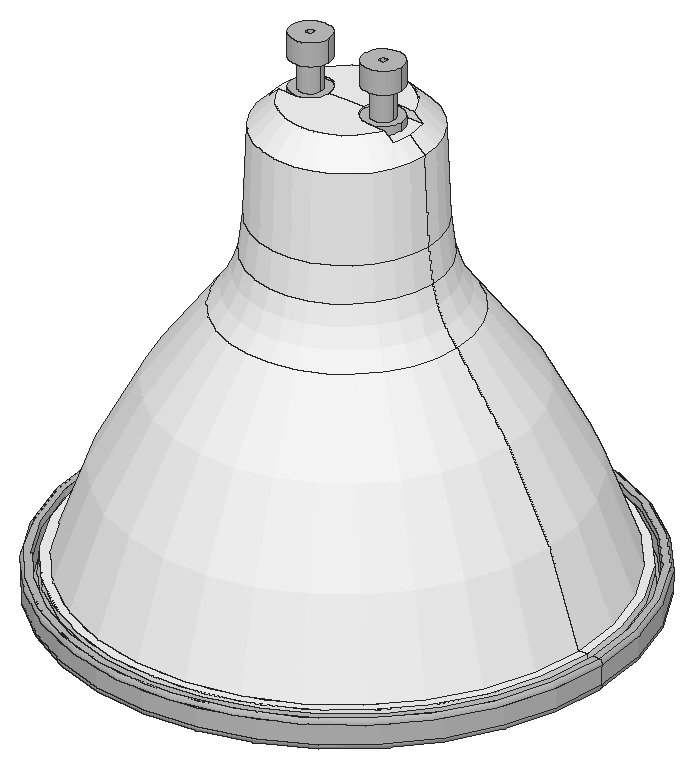
Revit family "STL21413_27_30_40", category Luminárias, Revit 2023
Family settings
  Cota do conector redondo = Utilizar diâmetro
  Tipo de parte = Normal
  Com base no plano de trabalho = Não
  Sempre na vertical = Sim
  Corte com vazios quando carregada = Não
  Fonte luminosa = Sim
  Manter orientação da anotação = Não
  Compartilhado = Não
  Ponto de cálculo do ambiente = Não
Parameters (values of type "STL21413/27 - BIVOLT - 2700K - 280lm - 24°")
  Ângulo de inclinação = 90.00°
  Ângulo de Abertura = "24°"
  Wattage = 1.88499 W
  URL = "https://stella.com.br/"
  Troca de temperatura da cor de lâmpada com esmaecimento = <Nenhum>
  Tensão Elétrica = "100V-240V"
  built-in parameter 1150107 = 2700 (stored number, unit not read)
  Temperatura da cor (K) = 2700 K
  Referência = "STL21413/27"
  Potência = 4.7 W
  built-in parameter 1150110 = 1 (stored number, unit not read)
  built-in parameter 1150109 = 1 (stored number, unit not read)
  built-in parameter 1114218 = 1 (stored number, unit not read)
  built-in parameter 1150112 = 1 (stored number, unit not read)
  built-in parameter 1150113 = 1 (stored number, unit not read)
  built-in parameter 1150142 = "IESNA:LM-63-2002\r\n[TEST] Viso BaseSpion - serial: 2183678036 sensor serial: 1483989726\r\n[TESTLAB] Viso BaseSpion - serial: 2183678036 sensor serial: 1483989726 - Test lab\r\n[MANUFAC] See\r\n[ISSUEDATE] 10/12/2021\r\n[LUMINAIRE] STELLA - STL21413/27 - AR70 PRO 24° 4,7W\r\n[LUMCAT] N/A\r\n[_SERIALNUMBER] VFR-211210-4540-MS\r\nTILT=NONE\r\n1 318 1 91 1 1 2 -0.055 -0.055 0.0623\r\n1.0 1.0 4.88\r\n0 1 2 3 4 5 6 7 8 9 10 11 12 13 14 15 16 17 18 19 20 21 22 23 24 25 26 27 28 29 30 31 32 33 34 35 36 37 38 39 40 41 42 43 44 45 46 47 48 49 50 51 52 53 54 55 56 57 58 59 60 61 62 63 64 65 66 67 68 69 70 71 72 73 74 75 76 77 78 79 80\r\n 81 82 83 84 85 86 87 88 89 90\r\n0 \r\n1615.713623 1606.703735 1581.464966 1541.108765 1487.298584 1420.95105 1343.096313 1255.690186 1158.395508 1052.178833 940.30011 826.028137 713.522217 605.694641 505.808167 416.11142 337.469177 270.279602 214.626709 169.946701 135.231888\r\n 108.790009 89.035942 74.430382 63.579796 55.374111 48.778305 43.371643 39.117767 35.899006 33.599277 32.46957 32.777752 34.47781 36.767971 37.578373 35.903011 32.3279 28.603003 25.834644 23.831293 22.444815 21.762829 21.814539 22.375254\r\n 23.670862 25.850325 28.510023 31.203465 32.937244 32.664097 30.308891 26.290932 21.136114 15.467844 9.61467 4.760627 2.153456 1.300089 0.99522 0.759012 0.519842 0.332798 0.22133 0.17804 0.126881 0.110459 0.074763 0.059159 0.049083\r\n 0.042279 0.049377 0.039883 0.040068 0.038056 0.034932 0.037707 0.036565 0.046573 0.040576 0.032583 0.033781 0.032753 0.02975 0.026864 0.027872 0.025569 0.027605 0.025959 0.028994 0.00796\r\n"
  built-in parameter 1150132 = 2
  built-in parameter 1150137 = (empty or 0)
  Modelo = "AR70 PRO 24º 4,7W\r\nAR70 PRO 7º 4,7W\r\nAR 70 PRO 7º 4,7W"
  Luminoso [instance] = Luminoso - 2700K
  built-in parameter 1150106 = 86.619 (stored number, unit not read)
  built-in parameter 1150102 = (empty or 0)
  built-in parameter 1150105 = 8661.9 (stored number, unit not read)
  IRC (Índice de reprodução de cores) = ">95 (R9>80)"
  Grau de proteção (IP) = "IP20"
  Fluxo Luminoso = 280 lm
  Color Filter = 16777215
  built-in parameter 1114217 = 1 (stored number, unit not read)
  built-in parameter 1150139 = (empty or 0)
  Fabricante = "Stella"
  Estrutura [instance] = Al - Branco
  Default Elevation = 0.00 m
  built-in parameter 1150104 = 13.8 (stored number, unit not read)
  Diâmetro = 0.07 m
  Dimerização = "Não dimerizável"
  built-in parameter 1150115 = 1 (stored number, unit not read)
  built-in parameter 1150114 = 1 (stored number, unit not read)
  Cromado [instance] = Cromado
  Lumens = 280 lm
  built-in parameter 1150138 = (empty or 0)
  built-in parameter 1150134 = (empty or 0)
  Arquivo de rede fotométrica = "STELLA - STL21413-27 - AR70 PRO 24° 4,7W.ies"
  Altura = 0.067 m
  built-in parameter 1150133 = 10 (stored number, unit not read)
Types (4, lengths in m): name | Wattage | built-in parameter 1150107 | Temperatura da cor (K) | Referência | built-in parameter 1150142 | Luminoso | built-in parameter 1150106 | built-in parameter 1150105 | Fluxo Luminoso | Lumens | built-in parameter 1150134 | Arquivo de rede fotométrica
  (no name) | 1.88499 W | 2700 (stored number, unit not read) | 2700 K | "STL21413/27" | "IESNA:LM-63-2002\r\n[TEST] Viso BaseSpion - serial: 2183678036 sensor serial: 1483989726\r\n[TESTLAB] Viso BaseSpion - serial: 2183678036 sensor serial: 1483989726 - Test lab\r\n[MANUFAC] See\r\n[ISSUEDATE] 10/12/2021\r\n[LUMINAIRE] STELLA - STL21413/27 - AR70 PRO 24° 4,7W\r\n[LUMCAT] N/A\r\n[_SERIALNUMBER] VFR-211210-4540-MS\r\nTILT=NONE\r\n1 318 1 91 1 1 2 -0.055 -0.055 0.0623\r\n1.0 1.0 4.88\r\n0 1 2 3 4 5 6 7 8 9 10 11 12 13 14 15 16 17 18 19 20 21 22 23 24 25 26 27 28 29 30 31 32 33 34 35 36 37 38 39 40 41 42 43 44 45 46 47 48 49 50 51 52 53 54 55 56 57 58 59 60 61 62 63 64 65 66 67 68 69 70 71 72 73 74 75 76 77 78 79 80\r\n 81 82 83 84 85 86 87 88 89 90\r\n0 \r\n1615.713623 1606.703735 1581.464966 1541.108765 1487.298584 1420.95105 1343.096313 1255.690186 1158.395508 1052.178833 940.30011 826.028137 713.522217 605.694641 505.808167 416.11142 337.469177 270.279602 214.626709 169.946701 135.231888\r\n 108.790009 89.035942 74.430382 63.579796 55.374111 48.778305 43.371643 39.117767 35.899006 33.599277 32.46957 32.777752 34.47781 36.767971 37.578373 35.903011 32.3279 28.603003 25.834644 23.831293 22.444815 21.762829 21.814539 22.375254\r\n 23.670862 25.850325 28.510023 31.203465 32.937244 32.664097 30.308891 26.290932 21.136114 15.467844 9.61467 4.760627 2.153456 1.300089 0.99522 0.759012 0.519842 0.332798 0.22133 0.17804 0.126881 0.110459 0.074763 0.059159 0.049083\r\n 0.042279 0.049377 0.039883 0.040068 0.038056 0.034932 0.037707 0.036565 0.046573 0.040576 0.032583 0.033781 0.032753 0.02975 0.026864 0.027872 0.025569 0.027605 0.025959 0.028994 0.00796\r\n" | Luminoso - 2700K | 86.619 (stored number, unit not read) | 8661.9 (stored number, unit not read) | 280 lm | 280 lm | (empty or 0) | "STELLA - STL21413-27 - AR70 PRO 24° 4,7W.ies"
  STL21413/27 - BIVOLT - 2700K - 280lm - 24° | 1.88499 W | 2700 (stored number, unit not read) | 2700 K | "STL21413/27" | "IESNA:LM-63-2002\r\n[TEST] Viso BaseSpion - serial: 2183678036 sensor serial: 1483989726\r\n[TESTLAB] Viso BaseSpion - serial: 2183678036 sensor serial: 1483989726 - Test lab\r\n[MANUFAC] See\r\n[ISSUEDATE] 10/12/2021\r\n[LUMINAIRE] STELLA - STL21413/27 - AR70 PRO 24° 4,7W\r\n[LUMCAT] N/A\r\n[_SERIALNUMBER] VFR-211210-4540-MS\r\nTILT=NONE\r\n1 318 1 91 1 1 2 -0.055 -0.055 0.0623\r\n1.0 1.0 4.88\r\n0 1 2 3 4 5 6 7 8 9 10 11 12 13 14 15 16 17 18 19 20 21 22 23 24 25 26 27 28 29 30 31 32 33 34 35 36 37 38 39 40 41 42 43 44 45 46 47 48 49 50 51 52 53 54 55 56 57 58 59 60 61 62 63 64 65 66 67 68 69 70 71 72 73 74 75 76 77 78 79 80\r\n 81 82 83 84 85 86 87 88 89 90\r\n0 \r\n1615.713623 1606.703735 1581.464966 1541.108765 1487.298584 1420.95105 1343.096313 1255.690186 1158.395508 1052.178833 940.30011 826.028137 713.522217 605.694641 505.808167 416.11142 337.469177 270.279602 214.626709 169.946701 135.231888\r\n 108.790009 89.035942 74.430382 63.579796 55.374111 48.778305 43.371643 39.117767 35.899006 33.599277 32.46957 32.777752 34.47781 36.767971 37.578373 35.903011 32.3279 28.603003 25.834644 23.831293 22.444815 21.762829 21.814539 22.375254\r\n 23.670862 25.850325 28.510023 31.203465 32.937244 32.664097 30.308891 26.290932 21.136114 15.467844 9.61467 4.760627 2.153456 1.300089 0.99522 0.759012 0.519842 0.332798 0.22133 0.17804 0.126881 0.110459 0.074763 0.059159 0.049083\r\n 0.042279 0.049377 0.039883 0.040068 0.038056 0.034932 0.037707 0.036565 0.046573 0.040576 0.032583 0.033781 0.032753 0.02975 0.026864 0.027872 0.025569 0.027605 0.025959 0.028994 0.00796\r\n" | Luminoso - 2700K | 86.619 (stored number, unit not read) | 8661.9 (stored number, unit not read) | 280 lm | 280 lm | (empty or 0) | "STELLA - STL21413-27 - AR70 PRO 24° 4,7W.ies"
  STL21413/30 - BIVOLT - 3000K - 300lm - 24º | 2.01963 W | 3000 (stored number, unit not read) | 3000 K | "STL21413/30" | "IESNA:LM-63-2002\r\n[TEST] Viso BaseSpion - serial: 2183678036 sensor serial: 1483989726\r\n[TESTLAB] Viso BaseSpion - serial: 2183678036 sensor serial: 1483989726 - Test lab\r\n[MANUFAC] See\r\n[ISSUEDATE] 10/12/2021\r\n[LUMINAIRE] STELLA - STL21413/30 - AR70 PRO 24° 4,7W\r\n[LUMCAT] N/A\r\n[_SERIALNUMBER] VFR-211210-4540-MS\r\nTILT=NONE\r\n1 318 1 91 1 1 2 -0.055 -0.055 0.0623\r\n1.0 1.0 4.88\r\n0 1 2 3 4 5 6 7 8 9 10 11 12 13 14 15 16 17 18 19 20 21 22 23 24 25 26 27 28 29 30 31 32 33 34 35 36 37 38 39 40 41 42 43 44 45 46 47 48 49 50 51 52 53 54 55 56 57 58 59 60 61 62 63 64 65 66 67 68 69 70 71 72 73 74 75 76 77 78 79 80\r\n 81 82 83 84 85 86 87 88 89 90\r\n0 \r\n1615.713623 1606.703735 1581.464966 1541.108765 1487.298584 1420.95105 1343.096313 1255.690186 1158.395508 1052.178833 940.30011 826.028137 713.522217 605.694641 505.808167 416.11142 337.469177 270.279602 214.626709 169.946701 135.231888\r\n 108.790009 89.035942 74.430382 63.579796 55.374111 48.778305 43.371643 39.117767 35.899006 33.599277 32.46957 32.777752 34.47781 36.767971 37.578373 35.903011 32.3279 28.603003 25.834644 23.831293 22.444815 21.762829 21.814539 22.375254\r\n 23.670862 25.850325 28.510023 31.203465 32.937244 32.664097 30.308891 26.290932 21.136114 15.467844 9.61467 4.760627 2.153456 1.300089 0.99522 0.759012 0.519842 0.332798 0.22133 0.17804 0.126881 0.110459 0.074763 0.059159 0.049083\r\n 0.042279 0.049377 0.039883 0.040068 0.038056 0.034932 0.037707 0.036565 0.046573 0.040576 0.032583 0.033781 0.032753 0.02975 0.026864 0.027872 0.025569 0.027605 0.025959 0.028994 0.00796\r\n" | Luminoso - 3000K | 15.243 (stored number, unit not read) | 1524.3 (stored number, unit not read) | 300 lm | 300 lm | (empty or 0) | "STELLA - STL21413-30 - AR70 PRO 24° 4,7W.ies"
  STL21413/40 - BIVOLT - 4000K - 320lm - 24º | 2.15427 W | 4000 (stored number, unit not read) | 4000 K | "STL21413/40" | "IESNA:LM-63-2002\r\n[TEST] Viso BaseSpion - serial: 2183678036 sensor serial: 1483989726\r\n[TESTLAB] Viso BaseSpion - serial: 2183678036 sensor serial: 1483989726 - Test lab\r\n[MANUFAC] See\r\n[ISSUEDATE] 10/12/2021\r\n[LUMINAIRE] STELLA - STL21413/40 - AR70 PRO 24° 4,7W\r\n[LUMCAT] N/A\r\n[_SERIALNUMBER] VFR-211210-4540-MS\r\nTILT=NONE\r\n1 318 1 91 1 1 2 -0.055 -0.055 0.0623\r\n1.0 1.0 4.88\r\n0 1 2 3 4 5 6 7 8 9 10 11 12 13 14 15 16 17 18 19 20 21 22 23 24 25 26 27 28 29 30 31 32 33 34 35 36 37 38 39 40 41 42 43 44 45 46 47 48 49 50 51 52 53 54 55 56 57 58 59 60 61 62 63 64 65 66 67 68 69 70 71 72 73 74 75 76 77 78 79 80\r\n 81 82 83 84 85 86 87 88 89 90\r\n0 \r\n1615.713623 1606.703735 1581.464966 1541.108765 1487.298584 1420.95105 1343.096313 1255.690186 1158.395508 1052.178833 940.30011 826.028137 713.522217 605.694641 505.808167 416.11142 337.469177 270.279602 214.626709 169.946701 135.231888\r\n 108.790009 89.035942 74.430382 63.579796 55.374111 48.778305 43.371643 39.117767 35.899006 33.599277 32.46957 32.777752 34.47781 36.767971 37.578373 35.903011 32.3279 28.603003 25.834644 23.831293 22.444815 21.762829 21.814539 22.375254\r\n 23.670862 25.850325 28.510023 31.203465 32.937244 32.664097 30.308891 26.290932 21.136114 15.467844 9.61467 4.760627 2.153456 1.300089 0.99522 0.759012 0.519842 0.332798 0.22133 0.17804 0.126881 0.110459 0.074763 0.059159 0.049083\r\n 0.042279 0.049377 0.039883 0.040068 0.038056 0.034932 0.037707 0.036565 0.046573 0.040576 0.032583 0.033781 0.032753 0.02975 0.026864 0.027872 0.025569 0.027605 0.025959 0.028994 0.00796\r\n" | Luminoso - 4000K | 16.259 (stored number, unit not read) | 1625.9 (stored number, unit not read) | 320 lm | 320 lm | 12 | "STELLA - STL21413-40 - AR70 PRO 24° 4,7W.ies"
Reference planes (m)
  plane 1 "Centro (Frente/Trás)": y = 0
  plane 2: z = 0
  plane 3 "Centro (Esquerda/Direita)": x = 0
  plane 4: x = 0.035
  plane 5: x = -0.035
  plane 6 "Superior": z = 0.063061
  plane 7 "Base": z = -0.003939
  plane 8: y = 0.035
  plane 9: y = -0.035
Forms (m)
  Revolve 1, solid, material "Al - Branco" <- "Estrutura"
    sketch origin (0, 0, 0) x (1, 0, 0) y (0, 0, 1)
      loop
        line (0.0077, 0.0564) -> (0, 0.0564) -> (0, 0.0548) -> (0.007603, 0.0548) -> (0.00957, 0.052833) -> (0.009999, 0.042321)
        arc (0.009999, 0.042321) -> (0.010188, 0.040004) -> (0.010563, 0.03771) r 0.02875
        arc (0.010563, 0.03771) -> (0.011893, 0.033837) -> (0.01416, 0.030428) r 0.01602
        arc (0.01416, 0.030428) -> (0.024357, 0.015572) -> (0.030945, -0.0012) r 0.07947
        line (0.030945, -0.0012) -> (0.031727, -0.0012) -> (0.0318, -0.0026) -> (0.033208, -0.0026) -> (0.03305, -0.000789) -> (0.033009, 0) -> (0.031862, 0)
        arc (0.031862, 0) -> (0.0252, 0.016541) -> (0.015066, 0.031215) r 0.08067
        arc (0.015066, 0.031215) -> (0.012969, 0.034369) -> (0.011739, 0.037951) r 0.01482
        arc (0.011739, 0.037951) -> (0.011379, 0.04015) -> (0.011198, 0.04237) r 0.02755
        line (0.011198, 0.04237) -> (0.01075, 0.05335) -> (0.0077, 0.0564)
      axis (0, 0.0564) -> (0, -0.0026)
    angle from 0 to 360
  Revolve 2, solid, material "Cromado" <- "Cromado"
    sketch origin (0, 0, 0) x (1, 0, 0) y (0, 0, 1)
      loop
        arc (0.012877, 0.018698) -> (0.020875, 0.008993) -> (0.027156, -0.001903) r 0.075693
        arc (0.027156, -0.001903) -> (0.027343, -0.002254) -> (0.027566, -0.002584) r 0.003884
        arc (0.027566, -0.002584) -> (0.030319, -0.003548) -> (0.033211, -0.003939) r 0.014447
        line (0.033211, -0.003939) -> (0.034185, -0.003956)
        arc (0.034185, -0.003956) -> (0.03475, -0.003721) -> (0.034986, -0.003156) r 0.0008
        line (0.034986, -0.003156) -> (0.035029, -0.000736)
        arc (0.035029, -0.000736) -> (0.034941, -0.000341) -> (0.034683, -0.000029) r 0.000865
        line (0.034683, -0.000029) -> (0.033841, -0.000029) -> (0.033761, -0.000945) -> (0.033613, -0.002629) -> (0.032299, -0.002629)
        arc (0.032299, -0.002629) -> (0.030081, -0.001839) -> (0.028213, -0.000404) r 0.007553
        arc (0.028213, -0.000404) -> (0.021949, 0.010251) -> (0.014066, 0.019771) r 0.077294
        line (0.014066, 0.019771) -> (0.012877, 0.019771) -> (0.012877, 0.018698)
      axis (0, 0.019771) -> (0, -0.003956)
    angle from 0 to 360
  Revolve 3, solid, material "Cromado" <- "Cromado"
    sketch origin (0, 0, 0) x (1, 0, 0) y (0, 0, 1)
      loop
        line (-0.01279, 0.004) -> (0, 0.004) -> (0, 0.014238) -> (-0.002617, 0.014238)
        arc (-0.002617, 0.014238) -> (-0.004216, 0.013782) -> (-0.005741, 0.013119) r 0.0125
        line (-0.005741, 0.013119) -> (-0.007371, 0.019202) -> (-0.010858, 0.019202)
        arc (-0.010858, 0.019202) -> (-0.011261, 0.019369) -> (-0.011427, 0.019771) r 0.000569
        line (-0.011427, 0.019771) -> (-0.0115, 0.02185) -> (-0.018457, 0.02185) -> (-0.018378, 0.02035) -> (-0.01275, 0.02035) -> (-0.012721, 0.019519) -> (-0.012721, 0.018698) -> (-0.011921, 0.018698) -> (-0.011921, 0.017583)
        arc (-0.011921, 0.017583) -> (-0.008013, 0.013326) -> (-0.002914, 0.010607) r 0.017169
        line (-0.002914, 0.010607) -> (-0.002684, 0.006224) -> (-0.0069, 0.005702) -> (-0.013416, 0.005702) -> (-0.013357, 0.004567)
        arc (-0.013357, 0.004567) -> (-0.013191, 0.004166) -> (-0.01279, 0.004) r 0.000567
      axis (0, 0.02185) -> (0, 0.004)
    angle from 0 to 360
  Extrusion 4, void
    sketch origin (0, -0.129323, 0) x (1, 0, 0) y (0, 1, 0)
      loop
        arc (-0.002358, 0.129323) -> (-0.003131, 0.131192) -> (-0.005, 0.131966) r 0.002642
        line (-0.005, 0.131966) -> (-0.008729, 0.131966)
        arc (-0.008729, 0.131966) -> (-0.009022, 0.130744) -> (-0.009136, 0.129493) r 0.008759
        arc (-0.009136, 0.129493) -> (-0.009047, 0.12807) -> (-0.008729, 0.126681) r 0.008759
        line (-0.008729, 0.126681) -> (-0.005, 0.126681)
        arc (-0.005, 0.126681) -> (-0.003131, 0.127455) -> (-0.002358, 0.129323) r 0.002642
    from 0.0553 to 0.0564
  Extrusion 5, solid, material "Cromado" <- "Cromado"
    sketch origin (0, 0, 0) x (1, 0, 0) y (0, 1, 0)
      loop
        circle (-0.005, 0) r 0.0025
    from 0.0553 to 0.0563
  Extrusion 6, solid, material "Cromado" <- "Cromado"
    sketch origin (0, 0, 0) x (1, 0, 0) y (0, 1, 0)
      loop
        circle (-0.005, 0) r 0.0015
    from 0.0563 to 0.060161
  Extrusion 7, solid, material "Cromado" <- "Cromado"
    sketch origin (0, 0, 0) x (1, 0, 0) y (0, 1, 0)
      loop
        circle (-0.005, 0) r 0.0025
    from 0.060161 to 0.063061
  Extrusion 8, solid, material "Cromado" <- "Cromado"
    sketch origin (0, 0, 0) x (-1, 0, 0) y (0, -1, 0)
      loop
        circle (-0.005, 0) r 0.0025
    from 0.0553 to 0.0563
  Extrusion 9, solid, material "Cromado" <- "Cromado"
    sketch origin (0, 0, 0) x (-1, 0, 0) y (0, -1, 0)
      loop
        circle (-0.005, 0) r 0.0015
    from 0.0563 to 0.060161
  Extrusion 10, solid, material "Cromado" <- "Cromado"
    sketch origin (0, 0, 0) x (-1, 0, 0) y (0, -1, 0)
      loop
        circle (-0.005, 0) r 0.0025
    from 0.060161 to 0.063061
  Extrusion 11, void
    sketch origin (0, -0.129323, 0) x (-1, 0, 0) y (0, -1, 0)
      loop
        arc (-0.002358, -0.129323) -> (-0.003131, -0.127455) -> (-0.005, -0.126681) r 0.002642
        line (-0.005, -0.126681) -> (-0.008729, -0.126681)
        arc (-0.008729, -0.126681) -> (-0.009047, -0.12807) -> (-0.009136, -0.129493) r 0.008759
        arc (-0.009136, -0.129493) -> (-0.009022, -0.130744) -> (-0.008729, -0.131966) r 0.008759
        line (-0.008729, -0.131966) -> (-0.005, -0.131966)
        arc (-0.005, -0.131966) -> (-0.003131, -0.131192) -> (-0.002358, -0.129323) r 0.002642
    from 0.0553 to 0.0564
  Extrusion 12, void
    sketch origin (0, 0, 0) x (1, 0, 0) y (0, 1, 0)
      loop
        circle (-0.005, 0) r 0.00045
    from 0.0557 to 0.063061
  Extrusion 13, void
    sketch origin (0, 0, 0) x (-1, 0, 0) y (0, -1, 0)
      loop
        circle (-0.005, 0) r 0.00045
    from 0.0557 to 0.063061
  Revolve 14, solid, material "Luminoso - 2700K" <- "Luminoso"
    sketch origin (0, 0, 0) x (1, 0, 0) y (0, 0, 1)
      loop
        line (-0.013416, 0.005702) -> (-0.0069, 0.005702) -> (-0.002684, 0.006224) -> (-0.002914, 0.010607)
        arc (-0.002914, 0.010607) -> (-0.008013, 0.013326) -> (-0.011921, 0.017583) r 0.017169
        line (-0.011921, 0.017583) -> (-0.011921, 0.018698) -> (-0.012721, 0.018698) -> (-0.012721, 0.01735)
        arc (-0.012721, 0.01735) -> (-0.008812, 0.012938) -> (-0.003685, 0.010029) r 0.017969
        line (-0.003685, 0.010029) -> (-0.003522, 0.006926) -> (-0.013416, 0.005702)
      axis (0, 0.018698) -> (0, 0.005702)
    angle from 0 to 360
Cuts and joins
  Extrusion 4, Extrusion 11 cuts Revolve 1
  Extrusion 12, Extrusion 13 cuts Extrusion 5
  Extrusion 11, Extrusion 12, Extrusion 13 cuts Extrusion 6
  Extrusion 12, Extrusion 13 cuts Extrusion 7
  joined: Extrusion 5, Extrusion 6, Extrusion 7
  Extrusion 13 cuts Extrusion 8
  Extrusion 13 cuts Extrusion 9
  Extrusion 13 cuts Extrusion 10
  joined: Extrusion 8, Extrusion 9, Extrusion 10
Lines and regions (m)
  model lines
    curve 1: line (0, 0.001599, 0.0553) -> (0, -0.004963, 0.0553)
    curve 2: line (0.006069, 0, 0.063061) -> (0.006069, 0, 0.060161)
Dimensions and locks (m)
  "Altura": plane 6 "Superior" to plane 7 "Base"
  "Diâmetro": plane 5 to plane 4
  aligned and locked: level to plane 2
  aligned and locked: Extrusion 7 to Extrusion 12
  aligned and locked: Extrusion 10 to cut or joined group of Extrusion 5, Extrusion 6, Extrusion 7, Extrusion 11, Extrusion 12, Extrusion 13
Automatic sketch dimensions
  curve 1 to plane 1 "Centro (Frente/Trás)" = 0.001599 m
  plane 1 "Centro (Frente/Trás)" to curve 1 = 0.004963 m
  Revolve 1 sketch curve to Revolve 1 sketch curve = 0.00 m  (x9)
  Revolve 1 sketch curve to plane 3 "Centro (Esquerda/Direita)" = 0.00 m  (x2)
  Revolve 1 sketch curve to level = 0.00 m
  Revolve 1 sketch curve to plane 5 = 0.01084 m
  Revolve 1 sketch curve to Revolve 1 sketch curve = 0.007603 m
  Revolve 1 sketch curve to Revolve 1 sketch curve = 0.000097 m
  Revolve 1 sketch curve to Revolve 1 sketch curve = 0.001967 m  (x2)
  plane 3 "Centro (Esquerda/Direita)" to Revolve 1 sketch curve = 0.009999 m
  Revolve 1 sketch curve to Revolve 1 sketch curve = 0.00118 m
  Revolve 1 sketch curve to Revolve 1 sketch curve = 0.001199 m
  Revolve 1 sketch curve to plane 4 = 0.008744 m
  Revolve 1 sketch curve to level = 0.0012 m
  Revolve 1 sketch curve to plane 4 = 0.004055 m
  Revolve 1 sketch curve to Revolve 1 sketch curve = 0.000781 m
  Revolve 1 sketch curve to Revolve 1 sketch curve = 0.000073 m
  Revolve 1 sketch curve to Revolve 1 sketch curve = 0.000135 m
  Revolve 1 sketch curve to Revolve 1 sketch curve = 0.001147 m
  Revolve 1 sketch curve to Revolve 1 sketch curve = 0.000041 m
  Revolve 1 sketch curve to plane 4 = 0.001792 m
  plane 4 to Revolve 1 sketch curve = 0.003725 m
  Revolve 1 sketch curve to Revolve 1 sketch curve = 0.0014 m
  Revolve 1 sketch curve to level = 0.021682 m
  Revolve 1 sketch curve to level = 0.000789 m
  level to Revolve 1 sketch curve = 0.040933 m
  Revolve 1 sketch curve to Revolve 1 sketch curve = 0.011106 m
  Revolve 1 sketch curve to Revolve 1 sketch curve = 0.000049 m
  Revolve 1 sketch curve to Revolve 1 sketch curve = 0.002561 m
  Revolve 1 sketch curve to Revolve 1 sketch curve = 0.010512 m
  Revolve 1 sketch curve to Revolve 1 sketch curve = 0.000517 m
  Revolve 1 sketch curve to Revolve 1 sketch curve = 0.0016 m
  Revolve 1 sketch curve to level = 0.003956 m
  Revolve 2 sketch curve to Revolve 2 sketch curve = 0.00 m  (x4)
  Revolve 2 sketch curve to plane 3 "Centro (Esquerda/Direita)" = 0.00 m
  Revolve 2 sketch curve to plane 5 = 0.006337 m
  plane 3 "Centro (Esquerda/Direita)" to Revolve 2 sketch curve = 0.012877 m
  Revolve 2 sketch curve to Revolve 2 sketch curve = 0.001189 m
  Revolve 2 sketch curve to level = 0.00025 m
  Revolve 2 sketch curve to plane 4 = 0.004329 m
  Revolve 2 sketch curve to plane 4 = 0.002701 m
  Revolve 2 sketch curve to Revolve 2 sketch curve = 0.000912 m
  Revolve 2 sketch curve to Revolve 2 sketch curve = 0.001314 m
  Revolve 2 sketch curve to plane 4 = 0.001309 m
  Revolve 2 sketch curve to plane 4 = 0.001308 m
  Revolve 2 sketch curve to plane 4 = 0.001239 m
  Revolve 2 sketch curve to level = 0.000029 m
  Revolve 2 sketch curve to Revolve 2 sketch curve = 0.00008 m
  Revolve 2 sketch curve to Revolve 2 sketch curve = 0.000403 m
  Revolve 2 sketch curve to plane 4 = 0.000815 m
  Revolve 2 sketch curve to plane 4 = 0.000317 m
  plane 4 to Revolve 2 sketch curve = 0.000029 m
  Revolve 2 sketch curve to level = 0.000721 m
  Revolve 2 sketch curve to Revolve 2 sketch curve = 0.000224 m
  Revolve 2 sketch curve to Revolve 2 sketch curve = 0.001684 m
  Revolve 2 sketch curve to Revolve 2 sketch curve = 0.000527 m
  Revolve 2 sketch curve to Revolve 2 sketch curve = 0.000783 m
  Revolve 2 sketch curve to Revolve 2 sketch curve = 0.0008 m
  Revolve 2 sketch curve to level = 0.034125 m
  level to Revolve 2 sketch curve = 0.004795 m
  Revolve 2 sketch curve to Revolve 2 sketch curve = 0.005705 m
  level to Revolve 2 sketch curve = 0.018698 m
  Revolve 2 sketch curve to Revolve 2 sketch curve = 0.001073 m
  Revolve 2 sketch curve to Revolve 2 sketch curve = 0.000002 m
  Revolve 2 sketch curve to level = 0.007971 m
  Revolve 2 sketch curve to Revolve 2 sketch curve = 0.043852 m
  Extrusion 4 sketch curve to Extrusion 4 sketch curve = 0.00 m  (x4)
  plane 1 "Centro (Frente/Trás)" to Extrusion 4 sketch curve = 0.00 m  (x2)
  plane 1 "Centro (Frente/Trás)" to Extrusion 4 sketch curve = 0.002642 m
  Extrusion 4 sketch curve to plane 3 "Centro (Esquerda/Direita)" = 0.008729 m
  Extrusion 4 sketch curve to Extrusion 4 sketch curve = 0.003729 m
  Extrusion 4 sketch curve to plane 3 "Centro (Esquerda/Direita)" = 0.000379 m
  Extrusion 4 sketch curve to plane 1 "Centro (Frente/Trás)" = 0.00017 m
  plane 1 "Centro (Frente/Trás)" to Extrusion 5 sketch curve = 0.00 m
  Extrusion 5 sketch curve to plane 3 "Centro (Esquerda/Direita)" = 0.005 m
  plane 1 "Centro (Frente/Trás)" to Extrusion 6 sketch curve = 0.00 m
  Extrusion 6 sketch curve to plane 3 "Centro (Esquerda/Direita)" = 0.005 m
  plane 1 "Centro (Frente/Trás)" to Extrusion 7 sketch curve = 0.00 m
  Extrusion 7 sketch curve to plane 3 "Centro (Esquerda/Direita)" = 0.005 m
  plane 1 "Centro (Frente/Trás)" to Extrusion 8 sketch curve = 0.00 m
  plane 3 "Centro (Esquerda/Direita)" to Extrusion 8 sketch curve = 0.005 m
  plane 1 "Centro (Frente/Trás)" to Extrusion 9 sketch curve = 0.00 m
  plane 3 "Centro (Esquerda/Direita)" to Extrusion 9 sketch curve = 0.005 m
  plane 1 "Centro (Frente/Trás)" to Extrusion 10 sketch curve = 0.00 m
  plane 3 "Centro (Esquerda/Direita)" to Extrusion 10 sketch curve = 0.005 m
  Extrusion 11 sketch curve to Extrusion 11 sketch curve = 0.00 m  (x4)
  plane 1 "Centro (Frente/Trás)" to Extrusion 11 sketch curve = 0.00 m  (x2)
  plane 1 "Centro (Frente/Trás)" to Extrusion 11 sketch curve = 0.002642 m
  plane 3 "Centro (Esquerda/Direita)" to Extrusion 11 sketch curve = 0.008729 m
  Extrusion 11 sketch curve to Extrusion 11 sketch curve = 0.003729 m
  plane 3 "Centro (Esquerda/Direita)" to Extrusion 11 sketch curve = 0.000379 m
  Extrusion 11 sketch curve to plane 1 "Centro (Frente/Trás)" = 0.00017 m
  plane 1 "Centro (Frente/Trás)" to Extrusion 12 sketch curve = 0.00 m
  Extrusion 12 sketch curve to plane 3 "Centro (Esquerda/Direita)" = 0.005 m
  plane 1 "Centro (Frente/Trás)" to Extrusion 13 sketch curve = 0.00 m
  plane 3 "Centro (Esquerda/Direita)" to Extrusion 13 sketch curve = 0.005 m
  Revolve 14 sketch curve to Revolve 14 sketch curve = 0.00 m  (x2)
  Revolve 14 sketch curve to plane 3 "Centro (Esquerda/Direita)" = 0.00 m
  Revolve 14 sketch curve to plane 3 "Centro (Esquerda/Direita)" = 0.002684 m
  Revolve 14 sketch curve to plane 3 "Centro (Esquerda/Direita)" = 0.002914 m
  Revolve 14 sketch curve to Revolve 14 sketch curve = 0.000838 m
  Revolve 14 sketch curve to Revolve 14 sketch curve = 0.000771 m
  Revolve 14 sketch curve to Revolve 14 sketch curve = 0.003378 m
  Revolve 14 sketch curve to plane 3 "Centro (Esquerda/Direita)" = 0.011921 m
  Revolve 14 sketch curve to Revolve 14 sketch curve = 0.0008 m
  level to Revolve 14 sketch curve = 0.005702 m
  Revolve 14 sketch curve to Revolve 14 sketch curve = 0.006516 m
  plane 3 "Centro (Esquerda/Direita)" to Revolve 14 sketch curve = 0.0025 m
  Revolve 14 sketch curve to Revolve 14 sketch curve = 0.000521 m
  Revolve 14 sketch curve to Revolve 14 sketch curve = 0.000702 m
  Revolve 14 sketch curve to Revolve 14 sketch curve = 0.003103 m
  Revolve 14 sketch curve to Revolve 14 sketch curve = 0.000578 m
  Revolve 14 sketch curve to Revolve 14 sketch curve = 0.007321 m
  Revolve 14 sketch curve to Revolve 14 sketch curve = 0.001348 m
  level to Revolve 14 sketch curve = 0.002602 m
  Revolve 14 sketch curve to Revolve 14 sketch curve = 0.003202 m
  Revolve 3 sketch curve to plane 3 "Centro (Esquerda/Direita)" = 0.00 m  (x3)
  Revolve 3 sketch curve to plane 3 "Centro (Esquerda/Direita)" = 0.002617 m
  Revolve 3 sketch curve to plane 3 "Centro (Esquerda/Direita)" = 0.002684 m
  Revolve 3 sketch curve to plane 3 "Centro (Esquerda/Direita)" = 0.002914 m
  Revolve 3 sketch curve to Revolve 3 sketch curve = 0.003123 m
  Revolve 3 sketch curve to Revolve 3 sketch curve = 0.004216 m
  Revolve 3 sketch curve to Revolve 3 sketch curve = 0.00163 m
  Revolve 3 sketch curve to Revolve 3 sketch curve = 0.003487 m
  Revolve 3 sketch curve to Revolve 3 sketch curve = 0.000569 m
  Revolve 3 sketch curve to Revolve 3 sketch curve = 0.000073 m
  Revolve 3 sketch curve to Revolve 3 sketch curve = 0.001063 m
  Revolve 3 sketch curve to Revolve 3 sketch curve = 0.0008 m
  Revolve 3 sketch curve to Revolve 3 sketch curve = 0.000029 m
  level to Revolve 3 sketch curve = 0.004 m
  Revolve 3 sketch curve to Revolve 3 sketch curve = 0.00589 m
  level to Revolve 3 sketch curve = 0.004567 m
  Revolve 3 sketch curve to Revolve 3 sketch curve = 0.00006 m
  Revolve 3 sketch curve to Revolve 3 sketch curve = 0.005628 m
  Revolve 3 sketch curve to Revolve 3 sketch curve = 0.000079 m
  plane 3 "Centro (Esquerda/Direita)" to Revolve 3 sketch curve = 0.0025 m
  Revolve 3 sketch curve to Revolve 3 sketch curve = 0.001985 m
  Revolve 3 sketch curve to Revolve 3 sketch curve = 0.001136 m
  Revolve 3 sketch curve to Revolve 3 sketch curve = 0.002224 m
  Revolve 3 sketch curve to Revolve 3 sketch curve = 0.004383 m
  Revolve 3 sketch curve to Revolve 3 sketch curve = 0.002512 m
  Revolve 3 sketch curve to Revolve 3 sketch curve = 0.004464 m
  Revolve 3 sketch curve to Revolve 3 sketch curve = 0.001115 m
  Revolve 3 sketch curve to Revolve 3 sketch curve = 0.000504 m
  Revolve 3 sketch curve to Revolve 3 sketch curve = 0.000821 m
  Revolve 3 sketch curve to Revolve 3 sketch curve = 0.000831 m
  Revolve 3 sketch curve to Revolve 3 sketch curve = 0.0015 m
  Revolve 3 sketch curve to level = 0.005482 m
  Revolve 3 sketch curve to Revolve 3 sketch curve = 0.001455 m
  level to curve 1 = 0.0553 m
  curve 2 to plane 6 "Superior" = 0.00 m
  curve 2 to plane 6 "Superior" = 0.0029 m
  plane 3 "Centro (Esquerda/Direita)" to curve 2 = 0.006069 m
  radius of Extrusion 5 sketch curve = 0.0025 m
  radius of Extrusion 6 sketch curve = 0.0015 m
  radius of Extrusion 7 sketch curve = 0.0025 m
  radius of Extrusion 8 sketch curve = 0.0025 m
  radius of Extrusion 9 sketch curve = 0.0015 m
  radius of Extrusion 10 sketch curve = 0.0025 m
  radius of Extrusion 12 sketch curve = 0.00045 m
  radius of Extrusion 13 sketch curve = 0.00045 m
Connectors (m)
  electrical at (0, 0, 0.063061)
    settings: index 1, voltage 0 V, apparent load 0 VA, apparent load phase1 0 VA, apparent load phase2 0 VA, apparent load phase3 0 VA, power factor 1, load classification "Outro", number of poles 1, system type 31, power factor state 1, is connector primary yes, connector utility no, sub classification motor no, connector description ""
